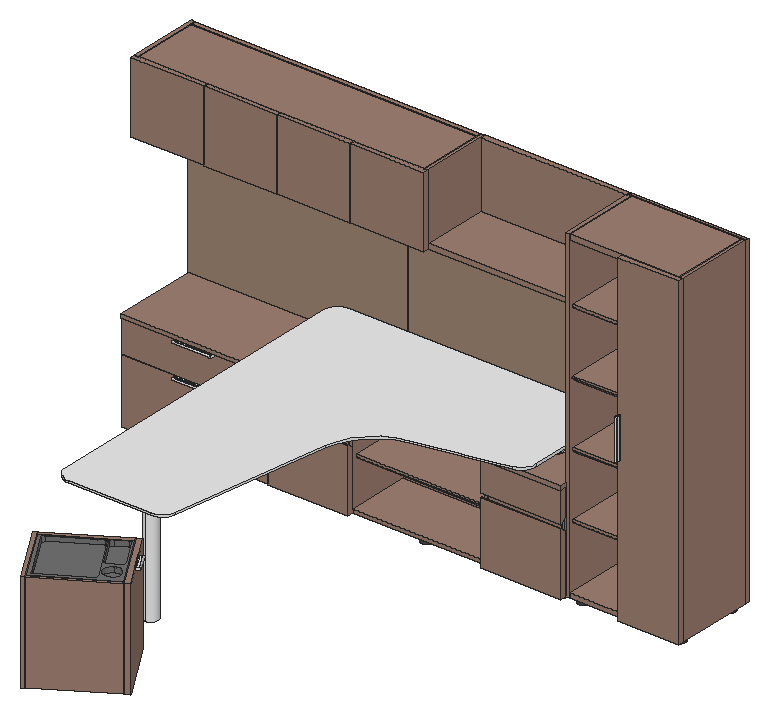
Revit family "OFS TYPICAL S100090", category Furniture, Revit 2022 (continued)
Definition of nested family "APTOS HEIGHT ADJUSTABLE SWEEP TOP DESK 74W 60D - CORIAN TOP - 18D CABINET"
  Parameters (values of type "APTOS HEIGHT ADJUSTABLE SWEEP TOP DESK 74W 60W RIGHT OPEN END - CORIAN TOP - 18D CABINET")
    Model = "34-7460HARSTDSC"
    Manufacturer = "OFS"
    Height = 1 3/16"
    Description = "OFS BRANDS OFS APTOS HEIGHT ADJUSTABLE SWEEP TOP DESK 74W 60W RIGHT OPEN END - CORIAN, 60\"W x 18\"D Low Height Cabinet, 72\"W x 58\"D Worksurface Three Removable Access Panels"
    Default Elevation = 0"
    Copyright © = "© OFS BRANDS 2017"
    Columns Material = none
    Catalog = "APTOS http://ofsbrands.com/products/casegoods/private-office/aptos"
    Worksurface Height [instance] = 27"
    Authoring Version = "Autodesk Revit Architecture 2013"
    Assembly Code = "E2020200"
  Types (3): name | Right 4H4 | Right | Left 4H4 | Left | Model | Description
    (no name) | yes | yes | no | no | "34-7460HARSTDSC" | "OFS BRANDS OFS APTOS HEIGHT ADJUSTABLE SWEEP TOP DESK 74W 60W RIGHT OPEN END - CORIAN, 60\"W x 18\"D Low Height Cabinet, 72\"W x 58\"D Worksurface Three Removable Access Panels"
    APTOS HEIGHT ADJUSTABLE SWEEP TOP DESK 74W 60W LEFT OPEN END - CORIAN TOP - 18D CABINET | no | no | yes | yes | "34-7460HALSTDSC" | "OFS BRANDS OFS APTOS HEIGHT ADJUSTABLE SWEEP TOP DESK 74W 60W LEFT OPEN END - CORIAN, 60\"W x 18\"D Low Height Cabinet, 72\"W x 58\"D Worksurface Three Removable Access Panels"
    APTOS HEIGHT ADJUSTABLE SWEEP TOP DESK 74W 60W RIGHT OPEN END - CORIAN TOP - 18D CABINET | yes | yes | no | no | "34-7460HARSTDSC" | "OFS BRANDS OFS APTOS HEIGHT ADJUSTABLE SWEEP TOP DESK 74W 60W RIGHT OPEN END - CORIAN, 60\"W x 18\"D Low Height Cabinet, 72\"W x 58\"D Worksurface Three Removable Access Panels"
  Reference planes (in)
    plane 1 "Back End": y = 6
    plane 2: z = 0
    plane 3 "Center Left/Right": x = 0
    plane 4 "Left End": x = -37
    plane 5 "Front End": y = -54
    plane 6 "Right End": x = 37
    plane 7 "Height Top": z = 28.1875
    plane 8: z = 27
    plane 9 "Center Front/Back": y = -24
    plane 10: z = 24.625
    plane 11: z = 22.25
    plane 12: z = 26.875
  Forms (in)
    Extrusion 1, solid, material <- "Columns Material", visible <- "Right"
      sketch origin (0, 0, 0) x (1, 0, 0) y (0, 1, 0)
        loop
          circle (-24.4997, -43.08789) r 1.125
      from 24.625 to 27
    Extrusion 2, solid, material <- "Columns Material", visible <- "Right"
      sketch origin (0, 0, 0) x (1, 0, 0) y (0, 1, 0)
        loop
          circle (-24.4997, -43.08789) r 1.25
      from 22.25 to 24.625
    Extrusion 3, solid, material <- "Columns Material", visible <- "Right Column"
      sketch origin (0, 0, 0) x (1, 0, 0) y (0, 1, 0)
        loop
          circle (-24.4997, -43.08789) r 1.375
      from 0 to 22.25
    Extrusion 4, solid, material <- "Columns Material"
      sketch origin (0, 0, 0) x (1, 0, 0) y (0, 1, 0)
        loop
          line (24, -44) -> (24, -50) -> (30, -50) -> (30, -44) -> (24, -44)
        loop
          line (24, -4) -> (30, -4) -> (30, 2) -> (24, 2) -> (24, -4)
      from 26.875 to 27
    Extrusion 5, solid, material <- "Columns Material"
      sketch origin (46.50266, -2.91211, 0) x (1, 0, 0) y (0, 1, 0)
        loop
          circle (-18.4997, -43.08789) r 1.125
      from 24.625 to 27
    Extrusion 6, solid, material <- "Columns Material"
      sketch origin (46.50266, -2.91211, 0) x (1, 0, 0) y (0, 1, 0)
        loop
          circle (-18.4997, -43.08789) r 1.25
      from 22.25 to 24.625
    Extrusion 7, solid, material <- "Columns Material"
      sketch origin (46.50266, -2.91211, 0) x (1, 0, 0) y (0, 1, 0)
        loop
          circle (-18.4997, -43.08789) r 1.375
      from 2.375 to 22.25
    Extrusion 8, solid, material <- "Columns Material"
      sketch origin (46.50266, 29.08789, 0) x (1, 0, 0) y (0, 1, 0)
        loop
          circle (-18.4997, -31.08789) r 1.125
      from 24.625 to 27
    Extrusion 9, solid, material <- "Columns Material"
      sketch origin (46.50266, 29.08789, 0) x (1, 0, 0) y (0, 1, 0)
        loop
          circle (-18.4997, -31.08789) r 1.25
      from 22.25 to 24.625
    Extrusion 10, solid, material <- "Columns Material"
      sketch origin (46.50266, 29.08789, 0) x (1, 0, 0) y (0, 1, 0)
        loop
          circle (-18.4997, -31.08789) r 1.375
      from 2.375 to 22.25
    Extrusion 11, solid, material <- "Columns Material", visible <- "Right"
      sketch origin (0, 0, 0) x (1, 0, 0) y (0, 1, 0)
        loop
          line (-26.4997, -40.08789) -> (-26.4997, -46.08789) -> (-20.4997, -46.08789) -> (-20.4997, -40.08789) -> (-26.4997, -40.08789)
      from 26.875 to 27
    Extrusion 12, solid, material <- "Columns Material", visible <- "Left"
      sketch origin (0, -48, 0) x (1, 0, 0) y (0, 1, 0)
        loop
          circle (-24.4997, 43.08789) r 1.125
      from 24.625 to 27
    Extrusion 13, solid, material <- "Columns Material", visible <- "Left"
      sketch origin (0, -48, 0) x (1, 0, 0) y (0, 1, 0)
        loop
          circle (-24.4997, 43.08789) r 1.25
      from 22.25 to 24.625
    Extrusion 14, solid, material <- "Columns Material", visible <- "Left Column"
      sketch origin (0, -48, 0) x (1, 0, 0) y (0, 1, 0)
        loop
          circle (-24.4997, 43.08789) r 1.375
      from 0 to 22.25
    Extrusion 15, solid, material <- "Columns Material", visible <- "Left"
      sketch origin (0, -48, 0) x (1, 0, 0) y (0, 1, 0)
        loop
          line (-26.4997, 40.08789) -> (-20.4997, 40.08789) -> (-20.4997, 46.08789) -> (-26.4997, 46.08789) -> (-26.4997, 40.08789)
      from 26.875 to 27
  Dimensions and locks (in)
    "Height": plane 7 "Height Top" to plane 8
    "Worksurface Height": plane 8 to level
    "Depth": plane 5 "Front End" to plane 1 "Back End"
    equal spacing: plane 4 "Left End", plane 3 "Center Left/Right", plane 6 "Right End"
    "Width": plane 4 "Left End" to plane 6 "Right End"
    equal spacing: plane 5 "Front End", plane 9 "Center Front/Back", plane 1 "Back End"
    locked: plane 11 to level at 22.25
    equal spacing: plane 8, plane 10, plane 11
    locked: plane 8 to plane 12 at 0.125
    aligned and locked: level to plane 2
    aligned and locked: nested 1 to Extrusion 3
    aligned and locked: plane 8 to Extrusion 1
    aligned and locked: nested 1 to Extrusion 2
    aligned and locked: plane 10 to Extrusion 2
    aligned and locked: Extrusion 1 to plane 10
    aligned and locked: Extrusion 4 to plane 8
    aligned and locked: plane 12 to Extrusion 4
    aligned and locked: Extrusion 7 to plane 11
    aligned and locked: Extrusion 10 to plane 11
    aligned and locked: plane 11 to Extrusion 9
    aligned and locked: plane 11 to Extrusion 6
    aligned and locked: Extrusion 6 to plane 10
    aligned and locked: plane 10 to Extrusion 5
    aligned and locked: Extrusion 5 to plane 8
    aligned and locked: plane 8 to Extrusion 8
    aligned and locked: plane 10 to Extrusion 9
    aligned and locked: Extrusion 8 to plane 10
    aligned and locked: plane 8 to Extrusion 11
    aligned and locked: Extrusion 11 to plane 12
    aligned and locked: plane 11 to Extrusion 14
    aligned and locked: Extrusion 13 to plane 11
    aligned and locked: plane 10 to Extrusion 13
    aligned and locked: Extrusion 12 to plane 10
    aligned and locked: plane 8 to Extrusion 12
    aligned and locked: plane 8 to Extrusion 15
    aligned and locked: Extrusion 15 to plane 12
    aligned and locked: plane 7 "Height Top" to nested 5
    aligned and locked: plane 7 "Height Top" to nested 4
  Automatic sketch dimensions
    plane 4 "Left End" to Extrusion 1 sketch curve = 12.5003"
    plane 5 "Front End" to Extrusion 1 sketch curve = 10.91211"
    Extrusion 2 sketch curve to Extrusion 2 sketch curve = 0"  (x2)
    plane 4 "Left End" to Extrusion 2 sketch curve = 11.2503"
    Extrusion 2 sketch curve to Extrusion 2 sketch curve = 1 1/4"
    plane 5 "Front End" to Extrusion 2 sketch curve = 10.91211"
    Extrusion 3 sketch curve to Extrusion 3 sketch curve = 0"  (x2)
    plane 4 "Left End" to Extrusion 3 sketch curve = 11.1253"
    Extrusion 3 sketch curve to Extrusion 3 sketch curve = 1 3/8"
    plane 5 "Front End" to Extrusion 3 sketch curve = 10.91211"
    plane 6 "Right End" to Extrusion 4 sketch curve = 13"  (x2)
    plane 5 "Front End" to Extrusion 4 sketch curve = 4"
    plane 1 "Back End" to Extrusion 4 sketch curve = 4"
    Extrusion 4 sketch curve to Extrusion 4 sketch curve = 6"  (x4)
    plane 6 "Right End" to Extrusion 5 sketch curve = 8.99705"
    plane 5 "Front End" to Extrusion 5 sketch curve = 8"
    Extrusion 6 sketch curve to Extrusion 6 sketch curve = 0"  (x2)
    plane 6 "Right End" to Extrusion 6 sketch curve = 10.24705"
    Extrusion 6 sketch curve to Extrusion 6 sketch curve = 1 1/4"
    plane 5 "Front End" to Extrusion 6 sketch curve = 8"
    Extrusion 7 sketch curve to Extrusion 7 sketch curve = 0"  (x2)
    plane 6 "Right End" to Extrusion 7 sketch curve = 10.37205"
    Extrusion 7 sketch curve to Extrusion 7 sketch curve = 1 3/8"
    plane 5 "Front End" to Extrusion 7 sketch curve = 8"
    plane 6 "Right End" to Extrusion 8 sketch curve = 8.99705"
    plane 1 "Back End" to Extrusion 8 sketch curve = 8"
    Extrusion 9 sketch curve to Extrusion 9 sketch curve = 0"  (x2)
    plane 6 "Right End" to Extrusion 9 sketch curve = 10.24705"
    Extrusion 9 sketch curve to Extrusion 9 sketch curve = 1 1/4"
    plane 1 "Back End" to Extrusion 9 sketch curve = 8"
    Extrusion 10 sketch curve to Extrusion 10 sketch curve = 0"  (x2)
    plane 6 "Right End" to Extrusion 10 sketch curve = 10.37205"
    Extrusion 10 sketch curve to Extrusion 10 sketch curve = 1 3/8"
    plane 1 "Back End" to Extrusion 10 sketch curve = 8"
    plane 4 "Left End" to Extrusion 11 sketch curve = 10.5003"
    plane 5 "Front End" to Extrusion 11 sketch curve = 7.91211"
    Extrusion 11 sketch curve to Extrusion 11 sketch curve = 6"  (x2)
    Extrusion 12 sketch curve to plane 4 "Left End" = 12.5003"
    Extrusion 12 sketch curve to plane 1 "Back End" = 10.91211"
    Extrusion 13 sketch curve to Extrusion 13 sketch curve = 0"  (x2)
    Extrusion 13 sketch curve to plane 4 "Left End" = 11.2503"
    Extrusion 13 sketch curve to Extrusion 13 sketch curve = 1 1/4"
    Extrusion 13 sketch curve to plane 1 "Back End" = 10.91211"
    Extrusion 14 sketch curve to Extrusion 14 sketch curve = 0"  (x2)
    Extrusion 14 sketch curve to plane 4 "Left End" = 11.1253"
    Extrusion 14 sketch curve to Extrusion 14 sketch curve = 1 3/8"
    Extrusion 14 sketch curve to plane 1 "Back End" = 10.91211"
    Extrusion 15 sketch curve to plane 4 "Left End" = 10.5003"
    Extrusion 15 sketch curve to plane 1 "Back End" = 7.91211"
    Extrusion 15 sketch curve to Extrusion 15 sketch curve = 6"  (x2)
    radius of Extrusion 1 sketch curve = 1 1/8"
    radius of Extrusion 5 sketch curve = 1 1/8"
    radius of Extrusion 8 sketch curve = 1 1/8"
    radius of Extrusion 12 sketch curve = 1 1/8"
  Nested families (in)
    nested 1: "Aptos Modular Low Height Cabinets" at (35.75, -24, 0) x (0, -1, 0) z (0, 0, 1), type "APTOS HEIGHT ADJUSTABLE SWEEP TOP DESK"
      with Width 60", Box Width 27"
    nested 2: "H4H" at (-27.5, -5, 0) x (0, 1, 0) z (0, 0, 1), visible <- "Left 4H4", type "H4H"
    nested 3: "H4H" at (-27.5, -42.99989, 0) x (0, -1, 0) z (0, 0, 1), visible <- "Right 4H4", type "H4H"
    nested 4: "APTOS SWEEP ELEVATED RUNOFF WORKSURFACE LEFT - WOOD TOP" at (-1.0006, -48, -1.3125) x (-1, 0, 0) z (0, 0, 1), visible <- "Left", type "APTOS SWEEP ELEVATED RUNOFF WORKSURFACE 72" x 58" LEFT OPEN END - WOOD TOP"
    nested 5: "APTOS SWEEP ELEVATED RUNOFF WORKSURFACE RIGHT - WOOD TOP" at (-1.0003, 0, -1.3125), visible <- "Right", type "APTOS SWEEP ELEVATED RUNOFF WORKSURFACE 72" x 58" RIGHT OPEN END - WOOD TOP"
      with Width 72", 34-7858SWTERC no, 34-7258SWTERC yes
  Definition of nested family "Aptos Modular Low Height Cabinets"
    Parameters
      Width = 48"
      URL = "http://ofsbrands.com"
      Top Board, Back Offset = 1 1/4"
      Shelf Height = 9 3/4"
      Drawer Width = 16 7/16"
      Drawer Gap = 7/8"
      Table Material = none
      Default Elevation = 0"
      Column Material = none
      Box Width = 21"
      Bottom Drawer Height = 12"
      Board Thick Door = 1 1/8"
      Depth = 16 3/4"
      Board Material = none
      Model = "34-7460HARSTDSC"
      Manufacturer = "OFS"
      Leg Caps Material = none
      Leg Offset = 2"
      Board Thick Internal = 3/4"
      Height = 22 1/4"
      Description = "OFS BRANDS OFS APTOS HEIGHT ADJUSTABLE SWEEP TOP DESK 18\" D Low Height Cabinet with Unfinished Back and 72\"W x 58\"D Worksurface"
      Copyright © = "© OFS BRANDS 2017"
      Catalog = "APTOS http://ofsbrands.com/products/casegoods/private-office/aptos"
      Bottom Board Offset = 1 1/2"
      Board Thick Top and Bot = 7/8"
      Board Thick Shelfs = 1"
      Board Thick Sides = 3/4"
      Board Thick Front = 3/4"
      Board Thick Back = 3/4"
      Authoring Version = "Autodesk Revit Architecture 2013"
      Assembly Code = "E2020200"
    Reference planes (in)
      plane 1 "Center Front/Back": y = 0
      plane 2: z = 0
      plane 3 "Center Left/Right": x = 0
      plane 4 "Left End": x = -24
      plane 5 "Front End": y = -15.625
      plane 6 "Right End": x = 24
      plane 7 "Back End": y = 0
      plane 8 "Height Top": z = 22.25
      plane 9: x = -23.25
      plane 10: x = 23.25
      plane 11: z = 11.125
      plane 12: z = 12.125
      plane 13: z = 21.375
      plane 14: z = 1.5
      plane 15: z = 2.375
      plane 16: y = -14.875
      plane 17: y = -2
      plane 18: y = -2
      plane 19: y = -13.625
      plane 20: y = -13.625
      plane 21: x = -22
      plane 22: x = 22
      plane 23: x = 22
      plane 24: x = -22
      plane 25: x = -11.25
      plane 26: x = -10.5
      plane 27: y = -16.75
      plane 28: z = 15.25
      plane 29: y = -0.75
      plane 30: x = 11.25
      plane 31: x = 10.5
      plane 32: z = 14.375
      plane 33: y = 1.25
      plane 34: z = 25.28125
      plane 35: x = -7.5625
      plane 36: x = 7.5625
      plane 37: y = -2.75
    Forms (in)
      Extrusion 1, solid, material <- "Board Material"
        sketch origin (0, 0, 0) x (1, 0, 0) y (0, 1, 0)
          loop
            line (-24, 0) -> (-24, -15.625) -> (-23.25, -15.625) -> (-23.25, 0) -> (-24, 0)
        from 1.5 to 21.375
      Extrusion 2, solid, material <- "Board Material"
        sketch origin (0, 0, 0) x (-1, 0, 0) y (0, -1, 0)
          loop
            line (-24, 0) -> (-23.25, 0) -> (-23.25, 15.625) -> (-24, 15.625) -> (-24, 0)
        from 1.5 to 21.375
      Extrusion 3, solid, material <- "Board Material"
        sketch origin (0, 0, 0) x (1, 0, 0) y (0, 1, 0)
          loop
            line (-23.25, 0) -> (-23.25, -15.625) -> (23.25, -15.625) -> (23.25, 0) -> (-23.25, 0)
        from 1.5 to 2.375
      Extrusion 4, solid, material <- "Board Material"
        sketch origin (0, 0, 0) x (1, 0, 0) y (0, 1, 0)
          loop
            line (-24, 1.25) -> (-24, -16.75) -> (24, -16.75) -> (24, 1.25) -> (-24, 1.25)
        from 21.375 to 22.25
      Revolve 5, solid, material <- "Leg Caps Material"
        sketch origin (0, -2, 0) x (-1, 0, 0) y (0, 0, 1)
          loop
            line (21, 0.28743) -> (21.5, 0.28743)
            arc (21.5, 0.28743) -> (21.35629, 0.14371) -> (21.5, 0) r 0.14371
            line (21.5, 0) -> (22, 0) -> (22, 1.5) -> (21, 1.5) -> (21, 0.28743)
          axis (22, 1.5) -> (22, 0)
        angle from 0 to 360
      Revolve 6, solid, material <- "Leg Caps Material"
        sketch origin (0, -2, 0) x (1, 0, 0) y (0, 0, -1)
          loop
            line (21, -0.28743) -> (21, -1.5) -> (22, -1.5) -> (22, 0) -> (21.5, 0)
            arc (21.5, 0) -> (21.35629, -0.14371) -> (21.5, -0.28743) r 0.14371
            line (21.5, -0.28743) -> (21, -0.28743)
          axis (22, -1.5) -> (22, 0)
        angle from 0 to 360
      Revolve 7, solid, material <- "Leg Caps Material"
        sketch origin (0, -13.625, 0) x (-1, 0, 0) y (0, 0, -1)
          loop
            line (21, -0.28743) -> (21, -1.5) -> (22, -1.5) -> (22, 0) -> (21.5, 0)
            arc (21.5, 0) -> (21.35629, -0.14371) -> (21.5, -0.28743) r 0.14371
            line (21.5, -0.28743) -> (21, -0.28743)
          axis (22, -1.5) -> (22, 0)
        angle from 0 to 360
      Revolve 8, solid, material <- "Leg Caps Material"
        sketch origin (0, -13.625, 0) x (1, 0, 0) y (0, 0, 1)
          loop
            line (21, 0.28743) -> (21.5, 0.28743)
            arc (21.5, 0.28743) -> (21.35629, 0.14371) -> (21.5, 0) r 0.14371
            line (21.5, 0) -> (22, 0) -> (22, 1.5) -> (21, 1.5) -> (21, 0.28743)
          axis (22, 1.5) -> (22, 0)
        angle from 0 to 360
      Extrusion 9, solid, material <- "Board Material"
        sketch origin (0, 0, 0) x (1, 0, 0) y (0, 1, 0)
          loop
            line (-11.25, 0) -> (-11.25, -15.625) -> (-10.5, -15.625) -> (-10.5, 0) -> (-11.25, 0)
        from 2.375 to 21.375
      Extrusion 10, solid, material <- "Board Material"
        sketch origin (0, 27.875, 0) x (1, 0, 0) y (0, 1, 0)
          loop
            line (-23.25, -27.875) -> (-23.25, -28.625) -> (-11.25, -28.625) -> (-11.25, -27.875) -> (-23.25, -27.875)
        from 4.5 to 8.5
      Extrusion 11, solid, material <- "Board Material"
        sketch origin (0, 0, 0) x (1, 0, 0) y (0, 1, 0)
          loop
            line (24, -15.625) -> (7.5625, -15.625) -> (7.5625, -16.75) -> (24, -16.75) -> (24, -15.625)
        from 1.5 to 14.375
      Extrusion 12, solid, material <- "Board Material"
        sketch origin (0, 0, 0) x (1, 0, 0) y (0, 1, 0)
          loop
            line (24, -15.625) -> (7.5625, -15.625) -> (7.5625, -16.75) -> (24, -16.75) -> (24, -15.625)
        from 15.25 to 21.375
      Extrusion 13, solid, material <- "Board Material"
        sketch origin (0, 0, 0) x (0, 1, 0) y (0, 0, 1)
          loop
            line (-2.75, 12.125) -> (-14.875, 12.125) -> (-14.875, 11.625) -> (-14.375, 11.125) -> (-2.75, 11.125) -> (-2.75, 12.125)
        from -10.5 to 10.5
      Extrusion 14, solid, material <- "Board Material"
        sketch origin (0, 0, 0) x (1, 0, 0) y (0, 1, 0)
          loop
            line (-7.5625, -15.625) -> (-24, -15.625) -> (-24, -16.75) -> (-7.5625, -16.75) -> (-7.5625, -15.625)
        from 1.5 to 14.375
      Extrusion 15, solid, material <- "Board Material"
        sketch origin (0, 0, 0) x (1, 0, 0) y (0, 1, 0)
          loop
            line (-7.5625, -15.625) -> (-24, -15.625) -> (-24, -16.75) -> (-7.5625, -16.75) -> (-7.5625, -15.625)
        from 15.25 to 21.375
      Revolve 16, solid, material <- "Leg Caps Material"
        sketch origin (-28, -2, 0) x (1, 0, 0) y (0, 0, -1)
          loop
            line (27, -0.28743) -> (27, -1.5) -> (28, -1.5) -> (28, 0) -> (27.5, 0)
            arc (27.5, 0) -> (27.35629, -0.14371) -> (27.5, -0.28743) r 0.14371
            line (27.5, -0.28743) -> (27, -0.28743)
          axis (28, -1.5) -> (28, 0)
        angle from 0 to 360
      Revolve 17, solid, material <- "Leg Caps Material"
        sketch origin (-28, -13.625, 0) x (1, 0, 0) y (0, 0, 1)
          loop
            line (27, 0.28743) -> (27.5, 0.28743)
            arc (27.5, 0.28743) -> (27.35629, 0.14371) -> (27.5, 0) r 0.14371
            line (27.5, 0) -> (28, 0) -> (28, 1.5) -> (27, 1.5) -> (27, 0.28743)
          axis (28, 1.5) -> (28, 0)
        angle from 0 to 360
      Extrusion 18, solid, material <- "Board Material"
        sketch origin (0, 0, 0) x (-1, 0, 0) y (0, -1, 0)
          loop
            line (-11.25, 0) -> (-10.5, 0) -> (-10.5, 15.625) -> (-11.25, 15.625) -> (-11.25, 0)
        from 2.375 to 21.375
      Extrusion 19, void
        sketch origin (0, 0, 0) x (0, 1, 0) y (0, 0, 1)
          loop
            line (-16.5, 15.25) -> (-15.625, 15.25) -> (-15.625, 16.125) -> (-16.5, 15.25)
          loop
            line (-16.5, 14.375) -> (-15.625, 13.5) -> (-15.625, 14.375) -> (-16.5, 14.375)
        from -30 to 30
      Extrusion 20, solid
        sketch origin (0, 0, 0) x (0, 1, 0) y (0, 0, 1)
          loop
            line (-15.625, 16.125) -> (-15.625, 13.5) -> (-14.875, 13.5) -> (-14.875, 16.125) -> (-15.625, 16.125)
        from -23.25 to -11.25
      Extrusion 21, solid
        sketch origin (0, 0, 0) x (0, 1, 0) y (0, 0, -1)
          loop
            line (-15.625, -16.125) -> (-14.875, -16.125) -> (-14.875, -13.5) -> (-15.625, -13.5) -> (-15.625, -16.125)
        from -23.25 to -11.25
      Extrusion 22, solid, material <- "Board Material"
        sketch origin (0.25, 27.875, 0) x (1, 0, 0) y (0, 1, 0)
          loop
            line (-23.5, -27.875) -> (-23.5, -28.625) -> (-11.5, -28.625) -> (-11.5, -27.875) -> (-23.5, -27.875)
        from 14.375 to 18.31334
      Extrusion 23, solid, material <- "Board Material"
        sketch origin (0, 13.5, 0) x (1, 0, 0) y (0, 1, 0)
          loop
            line (10.5, -15.5) -> (-10.5, -15.5) -> (-10.5, -16.25) -> (10.5, -16.25) -> (10.5, -15.5)
        from 2.375 to 21.375
      Extrusion 24, solid, material <- "Board Material"
        sketch origin (0, 27.875, 0) x (-1, 0, 0) y (0, -1, 0)
          loop
            line (-23.25, 27.875) -> (-11.25, 27.875) -> (-11.25, 28.625) -> (-23.25, 28.625) -> (-23.25, 27.875)
        from 4.5 to 8.5
      Extrusion 25, solid, material <- "Board Material"
        sketch origin (-0.25, 27.875, 0) x (-1, 0, 0) y (0, -1, 0)
          loop
            line (-23.5, 27.875) -> (-11.5, 27.875) -> (-11.5, 28.625) -> (-23.5, 28.625) -> (-23.5, 27.875)
        from 14.375 to 18.31334
      Extrusion 26, solid, material <- "Board Material"
        sketch origin (21, 27.875, 0) x (1, 0, 0) y (0, 1, 0)
          loop
            line (-31.5, -27.875) -> (-31.5, -28.625) -> (-10.5, -28.625) -> (-10.5, -27.875) -> (-31.5, -27.875)
        from 4.5 to 8.5
      Extrusion 27, solid, material <- "Board Material"
        sketch origin (21.25, 27.875, 0) x (1, 0, 0) y (0, 1, 0)
          loop
            line (-31.75, -27.875) -> (-31.75, -28.625) -> (-10.75, -28.625) -> (-10.75, -27.875) -> (-31.75, -27.875)
        from 14.375 to 18.31334
    Cuts and joins
      Extrusion 19 cuts Extrusion 14
      Extrusion 19 cuts Extrusion 15
      Extrusion 19 cuts Extrusion 12
      Extrusion 19 cuts Extrusion 11
    Dimensions and locks (in)
      equal spacing: plane 4 "Left End", plane 3 "Center Left/Right", plane 6 "Right End"
      "Width": plane 4 "Left End" to plane 6 "Right End"
      "Height": plane 8 "Height Top" to level
      "Board Thick Sides": plane 4 "Left End" to plane 9
      "Board Thick Sides": plane 10 to plane 6 "Right End"
      "Board Thick Top and Bot": plane 8 "Height Top" to plane 13
      "Board Thick Shelfs": plane 12 to plane 11
      "Board Thick Top and Bot": plane 15 to plane 14
      "Bottom Board Offset": plane 14 to level
      "Board Thick Front": plane 16 to plane 5 "Front End"
      "Leg Offset": plane 19 to plane 5 "Front End"
      "Leg Offset": plane 20 to plane 5 "Front End"
      "Leg Offset": plane 17 to plane 7 "Back End"
      "Leg Offset": plane 18 to plane 7 "Back End"
      "Leg Offset": plane 4 "Left End" to plane 21
      "Leg Offset": plane 22 to plane 6 "Right End"
      "Leg Offset": plane 23 to plane 6 "Right End"
      "Leg Offset": plane 4 "Left End" to plane 24
      "Board Thick Internal": plane 25 to plane 26
      "Board Thick Door": plane 27 to plane 5 "Front End"
      "Shelf Height": plane 12 to plane 15
      "Board Thick Back": plane 29 to plane 1 "Center Front/Back"
      "Depth": plane 27 to plane 1 "Center Front/Back"
      "Board Thick Internal": plane 30 to plane 31
      equal spacing: plane 26, plane 3 "Center Left/Right", plane 31
      "Box Width": plane 26 to plane 31
      "Bottom Drawer Height": plane 32 to plane 15
      "Drawer Gap": plane 28 to plane 32
      "Top Board, Back Offset": plane 33 to plane 7 "Back End"
      plane 34 to plane 8 "Height Top" = 3 1/32"
      "Drawer Width": plane 35 to plane 4 "Left End"
      "Drawer Width": plane 36 to plane 6 "Right End"
      Extrusion 1 to Extrusion 22 = 12 3/4"
      "Board Thick Internal": plane 18 to plane 37
      aligned and locked: level to plane 2
      aligned and locked: plane 5 "Front End" to Extrusion 1 sketch curve
      aligned and locked: plane 4 "Left End" to Extrusion 1 sketch curve
      aligned and locked: Extrusion 1 sketch curve to plane 9
      aligned and locked: Extrusion 2 to plane 5 "Front End"
      aligned and locked: plane 10 to Extrusion 2
      aligned and locked: Extrusion 2 to plane 6 "Right End"
      aligned and locked: plane 14 to Extrusion 2
      aligned and locked: plane 10 to Extrusion 3 sketch curve
      aligned and locked: plane 9 to Extrusion 3 sketch curve
      aligned and locked: plane 18 to Revolve 5
      aligned and locked: Revolve 6 to plane 17
      aligned and locked: plane 20 to Revolve 8
      aligned and locked: Revolve 7 to plane 19
      aligned and locked: Extrusion 9 sketch curve to plane 25
      aligned and locked: plane 26 to Extrusion 9 sketch curve
      aligned and locked: Extrusion 9 to plane 5 "Front End"
      aligned and locked: Extrusion 3 to plane 15
      aligned and locked: Extrusion 3 to plane 14
      aligned and locked: Extrusion 9 to plane 15
      aligned and locked: plane 13 to Extrusion 9
      aligned and locked: Extrusion 2 to plane 13
      aligned and locked: Extrusion 4 to plane 27
      aligned and locked: Extrusion 4 to plane 6 "Right End"
      aligned and locked: Extrusion 4 to plane 4 "Left End"
      aligned and locked: plane 8 "Height Top" to Extrusion 4
      aligned and locked: Extrusion 4 to plane 13
      aligned and locked: Extrusion 11 to plane 14
      aligned and locked: Extrusion 11 to plane 6 "Right End"
      aligned and locked: Extrusion 12 to plane 6 "Right End"
      aligned and locked: Extrusion 12 to plane 13
      aligned and locked: plane 28 to Extrusion 12
      aligned and locked: Extrusion 13 sketch curve to plane 12
      aligned and locked: plane 11 to Extrusion 13 sketch curve
      aligned and locked: Extrusion 13 sketch curve to plane 16
      aligned and locked: plane 26 to Extrusion 13
      aligned and locked: Extrusion 15 to plane 4 "Left End"
      aligned and locked: Extrusion 14 to plane 4 "Left End"
      aligned and locked: Extrusion 14 to plane 14
      aligned and locked: plane 13 to Extrusion 15
      aligned and locked: Extrusion 15 to plane 28
      aligned and locked: Extrusion 10 to plane 29
      aligned and locked: Extrusion 10 to plane 1 "Center Front/Back"
      aligned and locked: Extrusion 1 to plane 1 "Center Front/Back"
      aligned and locked: Extrusion 2 to plane 1 "Center Front/Back"
      aligned and locked: Extrusion 3 to plane 1 "Center Front/Back"
      aligned and locked: plane 13 to Extrusion 1
      aligned and locked: Extrusion 1 to plane 14
      aligned and locked: plane 17 to Revolve 16
      aligned and locked: Revolve 17 to plane 20
      aligned and locked: Extrusion 18 sketch curve to plane 30
      aligned and locked: Extrusion 18 sketch curve to plane 31
      aligned and locked: plane 32 to Extrusion 14
      aligned and locked: Extrusion 11 to Extrusion 14
      aligned and locked: plane 31 to Extrusion 13
      aligned and locked: Extrusion 4 to plane 33
      aligned and locked: Extrusion 20 sketch curve to plane 16
      aligned and locked: Extrusion 20 sketch curve to cut or joined group of Extrusion 15, Extrusion 19
      aligned and locked: Extrusion 20 to Extrusion 1
      aligned and locked: Extrusion 20 to Extrusion 9
      aligned and locked: Extrusion 21 to plane 16
      aligned and locked: Extrusion 21 to plane 5 "Front End"
      aligned and locked: Extrusion 21 to Extrusion 18
      aligned and locked: Extrusion 21 to plane 10
      aligned and locked: Extrusion 10 to plane 9
      aligned and locked: Extrusion 9 to plane 7 "Back End"
      aligned and locked: Extrusion 18 to plane 7 "Back End"
      aligned and locked: Extrusion 15 to plane 35
      aligned and locked: Extrusion 14 to cut or joined group of Extrusion 15, Extrusion 19
      aligned and locked: plane 36 to Extrusion 11
      aligned and locked: Extrusion 12 to cut or joined group of Extrusion 11, Extrusion 19
      aligned and locked: plane 25 to Extrusion 10
      aligned and locked: Extrusion 22 to plane 9
      aligned and locked: plane 25 to Extrusion 22
      aligned and locked: plane 31 to Extrusion 23
      aligned and locked: plane 26 to Extrusion 23
      aligned and locked: Extrusion 23 to plane 18
      aligned and locked: Extrusion 23 to plane 37
      aligned and locked: plane 13 to Extrusion 23
      aligned and locked: Extrusion 23 to plane 15
      aligned and locked: plane 37 to Extrusion 13
      aligned and locked: plane 30 to Extrusion 24
      aligned and locked: plane 30 to Extrusion 25
      aligned and locked: Extrusion 25 to plane 10
      aligned and locked: Extrusion 24 to plane 10
      aligned and locked: plane 31 to Extrusion 27
      aligned and locked: plane 31 to Extrusion 26
      aligned and locked: plane 26 to Extrusion 27
      aligned and locked: plane 26 to Extrusion 26
      aligned and locked: Extrusion 18 to plane 15
      aligned and locked: plane 13 to Extrusion 18
    Automatic sketch dimensions
      plane 1 "Center Front/Back" to Extrusion 1 sketch curve = 0"
      Extrusion 2 sketch curve to plane 5 "Front End" = 0"
      Extrusion 2 sketch curve to plane 6 "Right End" = 0"
      Extrusion 2 sketch curve to plane 10 = 0"
      plane 1 "Center Front/Back" to Extrusion 2 sketch curve = 0"
      Extrusion 3 sketch curve to plane 5 "Front End" = 0"
      plane 1 "Center Front/Back" to Extrusion 3 sketch curve = 0"
      Extrusion 4 sketch curve to plane 4 "Left End" = 0"
      Extrusion 4 sketch curve to plane 6 "Right End" = 0"
      Extrusion 4 sketch curve to plane 27 = 0"
      plane 33 to Extrusion 4 sketch curve = 0"
      Revolve 5 sketch curve to plane 14 = 0"
      Revolve 5 sketch curve to level = 0"
      plane 21 to Revolve 5 sketch curve = 0"  (x2)
      level to Revolve 5 sketch curve = 0.28743"
      Revolve 5 sketch curve to plane 21 = 1/2"
      Revolve 5 sketch curve to Revolve 5 sketch curve = 1/2"  (x2)
      Revolve 5 sketch curve to Revolve 5 sketch curve = 0"
      level to Revolve 5 sketch curve = 0.14371"
      Revolve 5 sketch curve to plane 15 = 1/4"
      Revolve 6 sketch curve to plane 14 = 0"
      Revolve 6 sketch curve to level = 0"
      Revolve 6 sketch curve to plane 22 = 0"  (x2)
      level to Revolve 6 sketch curve = 0.28743"
      Revolve 6 sketch curve to Revolve 6 sketch curve = 1/2"  (x2)
      Revolve 6 sketch curve to Revolve 6 sketch curve = 0"  (x2)
      Revolve 6 sketch curve to plane 15 = 1/4"
      Revolve 6 sketch curve to level = 1/2"
      Revolve 7 sketch curve to plane 14 = 0"
      Revolve 7 sketch curve to level = 0"
      plane 21 to Revolve 7 sketch curve = 0"  (x2)
      level to Revolve 7 sketch curve = 0.28743"
      Revolve 7 sketch curve to plane 21 = 1/2"
      Revolve 7 sketch curve to Revolve 7 sketch curve = 1/2"  (x2)
      Revolve 7 sketch curve to Revolve 7 sketch curve = 0"  (x2)
      Revolve 7 sketch curve to plane 15 = 1/4"
      Revolve 8 sketch curve to plane 14 = 0"
      Revolve 8 sketch curve to level = 0"
      Revolve 8 sketch curve to plane 22 = 0"  (x2)
      level to Revolve 8 sketch curve = 0.28743"
      Revolve 8 sketch curve to Revolve 8 sketch curve = 1/2"  (x3)
      Revolve 8 sketch curve to Revolve 8 sketch curve = 0"
      level to Revolve 8 sketch curve = 0.14371"
      Revolve 8 sketch curve to plane 15 = 1/4"
      Extrusion 9 sketch curve to plane 5 "Front End" = 0"
      plane 1 "Center Front/Back" to Extrusion 9 sketch curve = 0"
      Extrusion 10 sketch curve to plane 9 = 0"
      Extrusion 10 sketch curve to plane 25 = 0"
      Extrusion 10 sketch curve to plane 29 = 0"
      plane 1 "Center Front/Back" to Extrusion 10 sketch curve = 0"
      Extrusion 11 sketch curve to plane 5 "Front End" = 0"
      Extrusion 11 sketch curve to plane 36 = 0"
      Extrusion 11 sketch curve to plane 6 "Right End" = 0"
      plane 27 to Extrusion 11 sketch curve = 0"
      Extrusion 12 sketch curve to plane 5 "Front End" = 0"
      Extrusion 12 sketch curve to plane 36 = 0"
      Extrusion 12 sketch curve to plane 6 "Right End" = 0"
      plane 27 to Extrusion 12 sketch curve = 0"
      Extrusion 13 sketch curve to plane 37 = 0"
      plane 11 to Extrusion 13 sketch curve = 1/2"
      Extrusion 13 sketch curve to plane 16 = 1/2"
      Extrusion 14 sketch curve to plane 4 "Left End" = 0"
      plane 27 to Extrusion 14 sketch curve = 0"
      Extrusion 14 sketch curve to plane 35 = 0"
      Extrusion 14 sketch curve to plane 5 "Front End" = 0"
      Extrusion 15 sketch curve to plane 4 "Left End" = 0"
      plane 27 to Extrusion 15 sketch curve = 0"
      Extrusion 15 sketch curve to plane 35 = 0"
      Extrusion 15 sketch curve to plane 5 "Front End" = 0"
      Revolve 16 sketch curve to plane 14 = 0"
      Revolve 16 sketch curve to level = 0"
      Revolve 16 sketch curve to plane 3 "Center Left/Right" = 0"  (x2)
      level to Revolve 16 sketch curve = 0.28743"
      Revolve 16 sketch curve to Revolve 16 sketch curve = 1/2"  (x3)
      Revolve 16 sketch curve to Revolve 16 sketch curve = 0"  (x2)
      Revolve 16 sketch curve to plane 15 = 1/4"
      Revolve 17 sketch curve to plane 14 = 0"
      Revolve 17 sketch curve to level = 0"
      Revolve 17 sketch curve to plane 3 "Center Left/Right" = 0"  (x2)
      level to Revolve 17 sketch curve = 0.28743"
      Revolve 17 sketch curve to Revolve 17 sketch curve = 1/2"  (x3)
      Revolve 17 sketch curve to Revolve 17 sketch curve = 0"
      level to Revolve 17 sketch curve = 0.14371"
      Revolve 17 sketch curve to plane 15 = 1/4"
      Extrusion 18 sketch curve to plane 5 "Front End" = 0"
      plane 1 "Center Front/Back" to Extrusion 18 sketch curve = 0"
      Extrusion 19 sketch curve to plane 28 = 0"
      Extrusion 19 sketch curve to plane 32 = 0"
      Extrusion 19 sketch curve to plane 5 "Front End" = 0"  (x2)
      Extrusion 19 sketch curve to plane 32 = 7/8"
      Extrusion 19 sketch curve to plane 27 = 1/4"  (x2)
      plane 28 to Extrusion 19 sketch curve = 7/8"
      Extrusion 20 sketch curve to plane 32 = 7/8"
      plane 28 to Extrusion 20 sketch curve = 7/8"
      Extrusion 21 sketch curve to plane 5 "Front End" = 0"
      Extrusion 21 sketch curve to plane 16 = 0"
      plane 28 to Extrusion 21 sketch curve = 7/8"
      Extrusion 21 sketch curve to plane 32 = 7/8"
      Extrusion 22 sketch curve to plane 9 = 0"
      Extrusion 22 sketch curve to plane 25 = 0"
      Extrusion 22 sketch curve to plane 29 = 0"
      plane 1 "Center Front/Back" to Extrusion 22 sketch curve = 0"
      Extrusion 23 sketch curve to plane 17 = 0"
      Extrusion 23 sketch curve to plane 26 = 0"
      Extrusion 23 sketch curve to plane 31 = 0"
      plane 37 to Extrusion 23 sketch curve = 0"
      Extrusion 24 sketch curve to plane 10 = 0"
      Extrusion 24 sketch curve to plane 29 = 0"
      Extrusion 24 sketch curve to plane 30 = 0"
      plane 1 "Center Front/Back" to Extrusion 24 sketch curve = 0"
      Extrusion 25 sketch curve to plane 10 = 0"
      Extrusion 25 sketch curve to plane 29 = 0"
      Extrusion 25 sketch curve to plane 30 = 0"
      plane 1 "Center Front/Back" to Extrusion 25 sketch curve = 0"
      Extrusion 26 sketch curve to plane 29 = 0"
      plane 1 "Center Front/Back" to Extrusion 26 sketch curve = 0"
      Extrusion 26 sketch curve to plane 3 "Center Left/Right" = 10 1/2"
      Extrusion 26 sketch curve to plane 31 = 0"
      Extrusion 27 sketch curve to plane 29 = 0"
      plane 1 "Center Front/Back" to Extrusion 27 sketch curve = 0"
      Extrusion 27 sketch curve to plane 3 "Center Left/Right" = 10 1/2"
      Extrusion 27 sketch curve to plane 31 = 0"
  Definition of nested family "H4H"
    Parameters
      Width = 22"
      URL = "http://ofsbrands.com"
      Depth = 6"
      Default Elevation = 0"
      Column Material = none
      Board Material = none
      Model = "H4H"
      Manufacturer = "OFS"
      Leg Caps Material = none
      Height = 22 1/4"
      Description = "OFS BRANDS OFS APTOS H4H"
      Copyright © = "© OFS BRANDS 2017"
      Catalog = "APTOS http://ofsbrands.com/products/casegoods/private-office/aptos"
      Authoring Version = "Autodesk Revit Architecture 2013"
      Assembly Code = "E2020200"
    Reference planes (in)
      plane 1 "Center Front/Back": y = 0
      plane 2: z = 0
      plane 3 "Center Left/Right": x = 0
      plane 4 "Height Top": z = 22.25
      plane 5: z = 21.25
      plane 6: z = 1.5
      plane 7: z = 2.5
      plane 8: y = 0
      plane 9: y = -0.75
      plane 10: y = -5.25
      plane 11: y = -6
      plane 12: x = -11
      plane 13: x = -10
      plane 14: x = 10
      plane 15: x = 11
    Forms (in)
      Extrusion 1, solid, material <- "Board Material"
        sketch origin (-17.58789, 78.5, 0) x (1, 0, 0) y (0, 1, 0)
          loop
            line (6.58789, -78.5) -> (6.58789, -84.5) -> (7.58789, -84.5) -> (7.58789, -78.5) -> (6.58789, -78.5)
        from 1.5 to 21.25
      Extrusion 2, solid, material <- "Board Material"
        sketch origin (15.08789, 78.5, 0) x (-1, 0, 0) y (0, -1, 0)
          loop
            line (4.08789, 78.5) -> (5.08789, 78.5) -> (5.08789, 84.5) -> (4.08789, 84.5) -> (4.08789, 78.5)
        from 1.5 to 21.25
      Extrusion 3, solid, material <- "Board Material"
        sketch origin (-17.58789, 78.5, 0) x (1, 0, 0) y (0, 1, 0)
          loop
            line (7.58789, -78.5) -> (7.58789, -79.25) -> (27.58789, -79.25) -> (27.58789, -78.5) -> (7.58789, -78.5)
        from 1.5 to 21.25
      Extrusion 4, solid, material <- "Board Material"
        sketch origin (-17.58789, -84.5, 0) x (1, 0, 0) y (0, 1, 0)
          loop
            line (7.58789, 78.5) -> (27.58789, 78.5) -> (27.58789, 79.25) -> (7.58789, 79.25) -> (7.58789, 78.5)
        from 1.5 to 21.25
      Extrusion 5, solid, material <- "Board Material"
        sketch origin (-17.58789, 78.5, 0) x (1, 0, 0) y (0, 1, 0)
          loop
            line (6.58789, -78.5) -> (6.58789, -84.5) -> (28.58788, -84.5) -> (28.58788, -78.5) -> (6.58789, -78.5)
        from 21.25 to 22.25
      Revolve 6, solid, material <- "Leg Caps Material"
        sketch origin (-35.97047, -3, 0) x (1, 0, 0) y (0, 0, -1)
          loop
            line (27, -0.28743) -> (27, -1.5) -> (28, -1.5) -> (28, 0) -> (27.5, 0)
            arc (27.5, 0) -> (27.35629, -0.14371) -> (27.5, -0.28743) r 0.14371
            line (27.5, -0.28743) -> (27, -0.28743)
          axis (28, -1.5) -> (28, 0)
        angle from 0 to 360
      Revolve 7, solid, material <- "Leg Caps Material"
        sketch origin (35.97047, -3, 0) x (-1, 0, 0) y (0, 0, 1)
          loop
            line (27, 0.28743) -> (27.5, 0.28743)
            arc (27.5, 0.28743) -> (27.35629, 0.14371) -> (27.5, 0) r 0.14371
            line (27.5, 0) -> (28, 0) -> (28, 1.5) -> (27, 1.5) -> (27, 0.28743)
          axis (28, 1.5) -> (28, 0)
        angle from 0 to 360
      Extrusion 8, solid, material <- "Board Material"
        sketch origin (-17.58789, 78.5, 0) x (1, 0, 0) y (0, 1, 0)
          loop
            line (7.58789, -79.25) -> (7.58789, -83.75) -> (27.0625, -83.75) -> (27.0625, -79.25) -> (7.58789, -79.25)
        from 1.5 to 2.5
    Dimensions and locks (in)
      "Height": plane 4 "Height Top" to level
      plane 4 "Height Top" to plane 5 = 1"
      plane 7 to plane 6 = 1"
      plane 6 to level = 1 1/2"
      "Width": plane 12 to plane 15
      "Depth": plane 1 "Center Front/Back" to plane 11
      aligned and locked: level to plane 2
    Automatic sketch dimensions
      Extrusion 1 sketch curve to plane 11 = 0"
      Extrusion 1 sketch curve to plane 12 = 0"
      Extrusion 1 sketch curve to plane 13 = 0"
      Extrusion 1 sketch curve to plane 8 = 0"
      Extrusion 2 sketch curve to plane 11 = 0"
      Extrusion 2 sketch curve to plane 15 = 0"
      Extrusion 2 sketch curve to plane 14 = 0"
      Extrusion 2 sketch curve to plane 8 = 0"
      Extrusion 3 sketch curve to plane 9 = 0"
      Extrusion 3 sketch curve to plane 13 = 0"
      Extrusion 3 sketch curve to plane 14 = 0"
      Extrusion 3 sketch curve to plane 8 = 0"
      Extrusion 4 sketch curve to plane 13 = 0"
      Extrusion 4 sketch curve to plane 14 = 0"
      Extrusion 4 sketch curve to plane 11 = 0"
      plane 10 to Extrusion 4 sketch curve = 0"
      Extrusion 5 sketch curve to plane 11 = 0"
      Extrusion 5 sketch curve to plane 12 = 0"
      Extrusion 5 sketch curve to plane 15 = 0"
      Extrusion 5 sketch curve to plane 8 = 0"
      Revolve 6 sketch curve to plane 6 = 0"
      Revolve 6 sketch curve to level = 0"
      level to Revolve 6 sketch curve = 0.28743"
      Revolve 6 sketch curve to plane 13 = 1.02953"
      Revolve 6 sketch curve to Revolve 6 sketch curve = 1/2"  (x2)
      Revolve 6 sketch curve to Revolve 6 sketch curve = 0"  (x3)
      Revolve 6 sketch curve to plane 7 = 1/4"
      Revolve 6 sketch curve to level = 1/2"
      Revolve 7 sketch curve to plane 6 = 0"
      Revolve 7 sketch curve to level = 0"
      level to Revolve 7 sketch curve = 0.28743"
      plane 14 to Revolve 7 sketch curve = 1.02953"
      Revolve 7 sketch curve to Revolve 7 sketch curve = 1/2"  (x2)
      Revolve 7 sketch curve to Revolve 7 sketch curve = 0"  (x2)
      Revolve 7 sketch curve to level = 1/2"
      Revolve 7 sketch curve to Revolve 7 sketch curve = 0.14371"
      Revolve 7 sketch curve to plane 7 = 1/4"
      Extrusion 8 sketch curve to plane 13 = 0"
      Extrusion 8 sketch curve to plane 9 = 0"
      Extrusion 8 sketch curve to plane 10 = 0"
      plane 14 to Extrusion 8 sketch curve = 0.52539"
  Definition of nested family "APTOS SWEEP ELEVATED RUNOFF WORKSURFACE LEFT - WOOD TOP"
    Parameters
      Width = 72"
      URL = "http://ofsbrands.com"
      Table Material = none
      Depth = 58"
      Model = "34-7258SWTEL"
      Manufacturer = "OFS"
      Height = 1 3/16"
      Description = "OFS BRANDS OFS APTOS SWEEP ELEVATED RUNOFF WORKSURFACE 72\" x 58\" LEFT OPEN END - WOOD TOP, 1.1875\" thick Solid Surface Worksurface"
      Default Elevation = 0"
      Copyright © = "© OFS BRANDS 2017"
      Catalog = "APTOS http://ofsbrands.com/products/casegoods/private-office/aptos"
      Bottom Board Offset = 28 5/16"
      Authoring Version = "Autodesk Revit Architecture 2013"
      Assembly Code = "E2020200"
      34-7858SWTELC = no
      34-7258SWTELC = yes
    Reference planes (in)
      plane 1 "Back End": y = 5
      plane 2: z = 0
      plane 3 "Center Left/Right": x = 0
      plane 4 "Left End": x = -36
      plane 5 "Front End": y = -53
      plane 6 "Right End": x = 36
      plane 7 "Height Top": z = 29.5
      plane 8: z = 28.3125
      plane 9 "Center Front/Back": y = -24
    Forms (in)
      Extrusion 1, solid, material <- "Table Material", visible <- "34-7258SWTELC"
        sketch origin (0, 0, 0) x (1, 0, 0) y (0, 1, 0)
          loop
            line (-36, 2.00011) -> (-36, -50.00011)
            arc (-36, -50.00011) -> (-35.12132, -52.12143) -> (-33, -53.00011) r 3
            line (-33, -53.00011) -> (32.9997, -53.00011)
            arc (32.9997, -53.00011) -> (35.12102, -52.12143) -> (35.9997, -50.00011) r 3
            line (35.9997, -50.00011) -> (35.9997, -33.17684)
            arc (35.9997, -33.17684) -> (35.28255, -31.2304) -> (33.47397, -30.21456) r 3
            line (33.47397, -30.21456) -> (1.49138, -25.09407)
            arc (1.49138, -25.09407) -> (-4.93628, -21.88783) -> (-8.38121, -15.58489) r 12
            line (-8.38121, -15.58489) -> (-11.99356, 2.58509)
            arc (-11.99356, 2.58509) -> (-13.03268, 4.31905) -> (-14.93598, 5.00011) r 3
            line (-14.93598, 5.00011) -> (-33, 5.00011)
            arc (-33, 5.00011) -> (-35.12132, 4.12143) -> (-36, 2.00011) r 3
        from 28.3125 to 29.5
      Sweep 2, void
        path in 3D
          loop
            arc (35.9997, -33.17684, 29.5) -> (35.28255, -31.2304, 29.5) -> (33.47397, -30.21456, 29.5) r 3
            line (33.47397, -30.21456, 29.5) -> (1.49138, -25.09407, 29.5)
            arc (1.49138, -25.09407, 29.5) -> (-4.93628, -21.88783, 29.5) -> (-8.38121, -15.58489, 29.5) r 12
            line (-8.38121, -15.58489, 29.5) -> (-11.99356, 2.58509, 29.5)
            arc (-11.99356, 2.58509, 29.5) -> (-13.03268, 4.31905, 29.5) -> (-14.93598, 5.00011, 29.5) r 3
            line (-14.93598, 5.00011, 29.5) -> (-33, 5.00011, 29.5)
            arc (-33, 5.00011, 29.5) -> (-35.12132, 4.12143, 29.5) -> (-36, 2.00011, 29.5) r 3
            line (-36, 2.00011, 29.5) -> (-36, -50.00011, 29.5)
            arc (-36, -50.00011, 29.5) -> (-35.12132, -52.12143, 29.5) -> (-33, -53.00011, 29.5) r 3
            line (-33, -53.00011, 29.5) -> (32.9997, -53.00011, 29.5)
            arc (32.9997, -53.00011, 29.5) -> (35.12102, -52.12143, 29.5) -> (35.9997, -50.00011, 29.5) r 3
            line (35.9997, -50.00011, 29.5) -> (35.9997, -33.17684, 29.5)
        profile origin (35.9997, -41.58847, 29.5) x (-1, 0, 0) y (0, 0, 1)
          loop
            line (0, -1.1875) -> (2, -1.1875) -> (0, -0.4375) -> (0, -1.1875)
      Extrusion 3, solid, material <- "Table Material", visible <- "34-7258SWTELC", not visible
        sketch origin (0, 0, 0) x (1, 0, 0) y (0, 1, 0)
          loop
            line (-36, 2.00011) -> (-36, -50.00011)
            arc (-36, -50.00011) -> (-35.12132, -52.12143) -> (-33, -53.00011) r 3
            line (-33, -53.00011) -> (32.9997, -53.00011)
            arc (32.9997, -53.00011) -> (35.12102, -52.12143) -> (35.9997, -50.00011) r 3
            line (35.9997, -50.00011) -> (35.9997, -33.17684)
            arc (35.9997, -33.17684) -> (35.28255, -31.2304) -> (33.47397, -30.21456) r 3
            line (33.47397, -30.21456) -> (1.49138, -25.09407)
            arc (1.49138, -25.09407) -> (-4.93628, -21.88783) -> (-8.38121, -15.58489) r 12
            line (-8.38121, -15.58489) -> (-11.99356, 2.58509)
            arc (-11.99356, 2.58509) -> (-13.03268, 4.31905) -> (-14.93598, 5.00011) r 3
            line (-14.93598, 5.00011) -> (-33, 5.00011)
            arc (-33, 5.00011) -> (-35.12132, 4.12143) -> (-36, 2.00011) r 3
        from 28.3125 to 29.5
      Sweep 4, void, not visible
        path in 3D
          loop
            arc (35.9997, -33.17684, 29.5) -> (35.28255, -31.2304, 29.5) -> (33.47397, -30.21456, 29.5) r 3
            line (33.47397, -30.21456, 29.5) -> (1.49138, -25.09407, 29.5)
            arc (1.49138, -25.09407, 29.5) -> (-4.93628, -21.88783, 29.5) -> (-8.38121, -15.58489, 29.5) r 12
            line (-8.38121, -15.58489, 29.5) -> (-11.99356, 2.58509, 29.5)
            arc (-11.99356, 2.58509, 29.5) -> (-13.03268, 4.31905, 29.5) -> (-14.93598, 5.00011, 29.5) r 3
            line (-14.93598, 5.00011, 29.5) -> (-33, 5.00011, 29.5)
            arc (-33, 5.00011, 29.5) -> (-35.12132, 4.12143, 29.5) -> (-36, 2.00011, 29.5) r 3
            line (-36, 2.00011, 29.5) -> (-36, -50.00011, 29.5)
            arc (-36, -50.00011, 29.5) -> (-35.12132, -52.12143, 29.5) -> (-33, -53.00011, 29.5) r 3
            line (-33, -53.00011, 29.5) -> (32.9997, -53.00011, 29.5)
            arc (32.9997, -53.00011, 29.5) -> (35.12102, -52.12143, 29.5) -> (35.9997, -50.00011, 29.5) r 3
            line (35.9997, -50.00011, 29.5) -> (35.9997, -33.17684, 29.5)
        profile origin (35.9997, -41.58847, 29.5) x (-1, 0, 0) y (0, 0, 1)
          loop
            line (0, -1.1875) -> (2, -1.1875) -> (0, -0.4375) -> (0, -1.1875)
      Extrusion 5, solid, material <- "Table Material", visible <- "34-7858SWTELC"
        sketch origin (0, 0, 0) x (1, 0, 0) y (0, 1, 0)
          loop
            line (-11.38094, -15.58628) -> (-14.99356, 2.58509)
            arc (-14.99356, 2.58509) -> (-16.03268, 4.31905) -> (-17.93598, 5.00011) r 3
            line (-17.93598, 5.00011) -> (-36, 5.00011)
            arc (-36, 5.00011) -> (-38.12132, 4.12143) -> (-39, 2.00011) r 3
            line (-39, 2.00011) -> (-39, -50.00011)
            arc (-39, -50.00011) -> (-38.12132, -52.12143) -> (-36, -53.00011) r 3
            line (-36, -53.00011) -> (35.9997, -53.00011)
            arc (35.9997, -53.00011) -> (38.12102, -52.12143) -> (38.9997, -50.00011) r 3
            line (38.9997, -50.00011) -> (38.9997, -33.17589)
            arc (38.9997, -33.17589) -> (38.25811, -31.20115) -> (36.39997, -30.20271) r 3
            line (36.39997, -30.20271) -> (-1.21236, -25.13908)
            arc (-1.21236, -25.13908) -> (-7.82761, -21.99234) -> (-11.38094, -15.58628) r 12
        from 28.3125 to 29.5
      Sweep 6, void
        path in 3D
          loop
            arc (35.9997, -53.00011, 29.5) -> (38.12102, -52.12143, 29.5) -> (38.9997, -50.00011, 29.5) r 3
            line (38.9997, -50.00011, 29.5) -> (38.9997, -33.17589, 29.5)
            arc (38.9997, -33.17589, 29.5) -> (38.25811, -31.20115, 29.5) -> (36.39997, -30.20271, 29.5) r 3
            line (36.39997, -30.20271, 29.5) -> (-1.21236, -25.13908, 29.5)
            arc (-1.21236, -25.13908, 29.5) -> (-7.82761, -21.99234, 29.5) -> (-11.38094, -15.58628, 29.5) r 12
            line (-11.38094, -15.58628, 29.5) -> (-14.99356, 2.58509, 29.5)
            arc (-14.99356, 2.58509, 29.5) -> (-16.03268, 4.31905, 29.5) -> (-17.93598, 5.00011, 29.5) r 3
            line (-17.93598, 5.00011, 29.5) -> (-36, 5.00011, 29.5)
            arc (-36, 5.00011, 29.5) -> (-38.12132, 4.12143, 29.5) -> (-39, 2.00011, 29.5) r 3
            line (-39, 2.00011, 29.5) -> (-39, -50.00011, 29.5)
            arc (-39, -50.00011, 29.5) -> (-38.12132, -52.12143, 29.5) -> (-36, -53.00011, 29.5) r 3
            line (-36, -53.00011, 29.5) -> (35.9997, -53.00011, 29.5)
        profile origin (-0.00015, -53.00011, 29.5) x (0, 1, 0) y (0, 0, 1)
          loop
            line (0, -0.4375) -> (0, -1.1875) -> (2, -1.1875) -> (0, -0.4375)
      Extrusion 7, solid, material <- "Table Material", visible <- "34-7858SWTELC", not visible
        sketch origin (0, 0, 0) x (1, 0, 0) y (0, 1, 0)
          loop
            line (-11.38094, -15.58628) -> (-14.99356, 2.58509)
            arc (-14.99356, 2.58509) -> (-16.03268, 4.31905) -> (-17.93598, 5.00011) r 3
            line (-17.93598, 5.00011) -> (-36, 5.00011)
            arc (-36, 5.00011) -> (-38.12132, 4.12143) -> (-39, 2.00011) r 3
            line (-39, 2.00011) -> (-39, -50.00011)
            arc (-39, -50.00011) -> (-38.12132, -52.12143) -> (-36, -53.00011) r 3
            line (-36, -53.00011) -> (35.9997, -53.00011)
            arc (35.9997, -53.00011) -> (38.12102, -52.12143) -> (38.9997, -50.00011) r 3
            line (38.9997, -50.00011) -> (38.9997, -33.17589)
            arc (38.9997, -33.17589) -> (38.25811, -31.20115) -> (36.39997, -30.20271) r 3
            line (36.39997, -30.20271) -> (-1.21236, -25.13908)
            arc (-1.21236, -25.13908) -> (-7.82761, -21.99234) -> (-11.38094, -15.58628) r 12
        from 28.3125 to 29.5
      Sweep 8, void, not visible
        path in 3D
          loop
            arc (35.9997, -53.00011, 29.5) -> (38.12102, -52.12143, 29.5) -> (38.9997, -50.00011, 29.5) r 3
            line (38.9997, -50.00011, 29.5) -> (38.9997, -33.17589, 29.5)
            arc (38.9997, -33.17589, 29.5) -> (38.25811, -31.20115, 29.5) -> (36.39997, -30.20271, 29.5) r 3
            line (36.39997, -30.20271, 29.5) -> (-1.21236, -25.13908, 29.5)
            arc (-1.21236, -25.13908, 29.5) -> (-7.82761, -21.99234, 29.5) -> (-11.38094, -15.58628, 29.5) r 12
            line (-11.38094, -15.58628, 29.5) -> (-14.99356, 2.58509, 29.5)
            arc (-14.99356, 2.58509, 29.5) -> (-16.03268, 4.31905, 29.5) -> (-17.93598, 5.00011, 29.5) r 3
            line (-17.93598, 5.00011, 29.5) -> (-36, 5.00011, 29.5)
            arc (-36, 5.00011, 29.5) -> (-38.12132, 4.12143, 29.5) -> (-39, 2.00011, 29.5) r 3
            line (-39, 2.00011, 29.5) -> (-39, -50.00011, 29.5)
            arc (-39, -50.00011, 29.5) -> (-38.12132, -52.12143, 29.5) -> (-36, -53.00011, 29.5) r 3
            line (-36, -53.00011, 29.5) -> (35.9997, -53.00011, 29.5)
        profile origin (-0.00015, -53.00011, 29.5) x (0, 1, 0) y (0, 0, 1)
          loop
            line (0, -0.4375) -> (0, -1.1875) -> (2, -1.1875) -> (0, -0.4375)
    Cuts and joins
      Sweep 2 cuts Extrusion 1
      Sweep 6 cuts Extrusion 5
    Lines and regions (in)
      sketch lines
        curve 1: line (35.9997, -50.00011, 29.5) -> (35.9997, -33.17684, 29.5)
        curve 2: arc (33.47397, -30.21456, 29.5) -> (35.28255, -31.2304, 29.5) -> (35.9997, -33.17684, 29.5) r 3
        curve 3: line (33.47397, -30.21456, 29.5) -> (1.49138, -25.09407, 29.5)
        curve 4: arc (-8.38121, -15.58489, 29.5) -> (-4.93628, -21.88783, 29.5) -> (1.49138, -25.09407, 29.5) r 12
        curve 5: line (-8.38121, -15.58489, 29.5) -> (-11.99356, 2.58509, 29.5)
        curve 6: arc (-14.93598, 5.00011, 29.5) -> (-13.03268, 4.31905, 29.5) -> (-11.99356, 2.58509, 29.5) r 3
        curve 7: line (-14.93598, 5.00011, 29.5) -> (-33, 5.00011, 29.5)
        curve 8: arc (-36, 2.00011, 29.5) -> (-35.12132, 4.12143, 29.5) -> (-33, 5.00011, 29.5) r 3
        curve 9: line (-36, 2.00011, 29.5) -> (-36, -50.00011, 29.5)
        curve 10: arc (-33, -53.00011, 29.5) -> (-35.12132, -52.12143, 29.5) -> (-36, -50.00011, 29.5) r 3
        curve 11: line (-33, -53.00011, 29.5) -> (32.9997, -53.00011, 29.5)
        curve 12: arc (35.9997, -50.00011, 29.5) -> (35.12102, -52.12143, 29.5) -> (32.9997, -53.00011, 29.5) r 3
        curve 25: line (-36, -53.00011, 29.5) -> (35.9997, -53.00011, 29.5)
        curve 26: arc (38.9997, -50.00011, 29.5) -> (38.12102, -52.12143, 29.5) -> (35.9997, -53.00011, 29.5) r 3
        curve 27: line (38.9997, -50.00011, 29.5) -> (38.9997, -33.17589, 29.5)
        curve 28: arc (36.39997, -30.20271, 29.5) -> (38.25811, -31.20115, 29.5) -> (38.9997, -33.17589, 29.5) r 3
        curve 29: line (36.39997, -30.20271, 29.5) -> (-1.21236, -25.13908, 29.5)
        curve 30: arc (-11.38094, -15.58628, 29.5) -> (-7.82761, -21.99234, 29.5) -> (-1.21236, -25.13908, 29.5) r 12
        curve 31: line (-11.38094, -15.58628, 29.5) -> (-14.99356, 2.58509, 29.5)
        curve 32: arc (-17.93598, 5.00011, 29.5) -> (-16.03268, 4.31905, 29.5) -> (-14.99356, 2.58509, 29.5) r 3
        curve 33: line (-17.93598, 5.00011, 29.5) -> (-36, 5.00011, 29.5)
        curve 34: arc (-39, 2.00011, 29.5) -> (-38.12132, 4.12143, 29.5) -> (-36, 5.00011, 29.5) r 3
        curve 35: line (-39, 2.00011, 29.5) -> (-39, -50.00011, 29.5)
        curve 36: arc (-36, -53.00011, 29.5) -> (-38.12132, -52.12143, 29.5) -> (-39, -50.00011, 29.5) r 3
      sketch lines, not visible
        curve 13: line (35.9997, -50.00011, 29.5) -> (35.9997, -33.17684, 29.5)
        curve 14: arc (33.47397, -30.21456, 29.5) -> (35.28255, -31.2304, 29.5) -> (35.9997, -33.17684, 29.5) r 3
        curve 15: line (33.47397, -30.21456, 29.5) -> (1.49138, -25.09407, 29.5)
        curve 16: arc (-8.38121, -15.58489, 29.5) -> (-4.93628, -21.88783, 29.5) -> (1.49138, -25.09407, 29.5) r 12
        curve 17: line (-8.38121, -15.58489, 29.5) -> (-11.99356, 2.58509, 29.5)
        curve 18: arc (-14.93598, 5.00011, 29.5) -> (-13.03268, 4.31905, 29.5) -> (-11.99356, 2.58509, 29.5) r 3
        curve 19: line (-14.93598, 5.00011, 29.5) -> (-33, 5.00011, 29.5)
        curve 20: arc (-36, 2.00011, 29.5) -> (-35.12132, 4.12143, 29.5) -> (-33, 5.00011, 29.5) r 3
        curve 21: line (-36, 2.00011, 29.5) -> (-36, -50.00011, 29.5)
        curve 22: arc (-33, -53.00011, 29.5) -> (-35.12132, -52.12143, 29.5) -> (-36, -50.00011, 29.5) r 3
        curve 23: line (-33, -53.00011, 29.5) -> (32.9997, -53.00011, 29.5)
        curve 24: arc (35.9997, -50.00011, 29.5) -> (35.12102, -52.12143, 29.5) -> (32.9997, -53.00011, 29.5) r 3
        curve 37: line (-36, -53.00011, 29.5) -> (35.9997, -53.00011, 29.5)
        curve 38: arc (38.9997, -50.00011, 29.5) -> (38.12102, -52.12143, 29.5) -> (35.9997, -53.00011, 29.5) r 3
        curve 39: line (38.9997, -50.00011, 29.5) -> (38.9997, -33.17589, 29.5)
        curve 40: arc (36.39997, -30.20271, 29.5) -> (38.25811, -31.20115, 29.5) -> (38.9997, -33.17589, 29.5) r 3
        curve 41: line (36.39997, -30.20271, 29.5) -> (-1.21236, -25.13908, 29.5)
        curve 42: arc (-11.38094, -15.58628, 29.5) -> (-7.82761, -21.99234, 29.5) -> (-1.21236, -25.13908, 29.5) r 12
        curve 43: line (-11.38094, -15.58628, 29.5) -> (-14.99356, 2.58509, 29.5)
        curve 44: arc (-17.93598, 5.00011, 29.5) -> (-16.03268, 4.31905, 29.5) -> (-14.99356, 2.58509, 29.5) r 3
        curve 45: line (-17.93598, 5.00011, 29.5) -> (-36, 5.00011, 29.5)
        curve 46: arc (-39, 2.00011, 29.5) -> (-38.12132, 4.12143, 29.5) -> (-36, 5.00011, 29.5) r 3
        curve 47: line (-39, 2.00011, 29.5) -> (-39, -50.00011, 29.5)
        curve 48: arc (-36, -53.00011, 29.5) -> (-38.12132, -52.12143, 29.5) -> (-39, -50.00011, 29.5) r 3
    Dimensions and locks (in)
      "Height": plane 7 "Height Top" to plane 8
      "Bottom Board Offset": plane 8 to level
      "Depth": plane 5 "Front End" to plane 1 "Back End"
      equal spacing: plane 4 "Left End", plane 3 "Center Left/Right", plane 6 "Right End"
      "Width": plane 4 "Left End" to plane 6 "Right End"
      equal spacing: plane 5 "Front End", plane 9 "Center Front/Back", plane 1 "Back End"
      aligned and locked: level to plane 2
      aligned and locked: plane 7 "Height Top" to Extrusion 1
      aligned and locked: Extrusion 1 to plane 8
      aligned and locked: plane 7 "Height Top" to Extrusion 5
      aligned and locked: Extrusion 5 to plane 8
    Automatic sketch dimensions
      Extrusion 1 sketch curve to Extrusion 1 sketch curve = 2.94241"
      Extrusion 1 sketch curve to Extrusion 1 sketch curve = 0.47427"  (x2)
      Sweep 2 sketch curve to profile plane = 1 3/16"
      Sweep 2 sketch curve to profile plane = 0"
      Sweep 2 sketch curve to profile plane = 2"
      Sweep 2 sketch curve to profile plane = 7/16"
      Extrusion 1 sketch curve to Extrusion 1 sketch curve = 3"  (x3)
      Extrusion 1 sketch curve to Extrusion 1 sketch curve = 18.06402"
      Extrusion 1 sketch curve to Extrusion 1 sketch curve = 3.61235"
